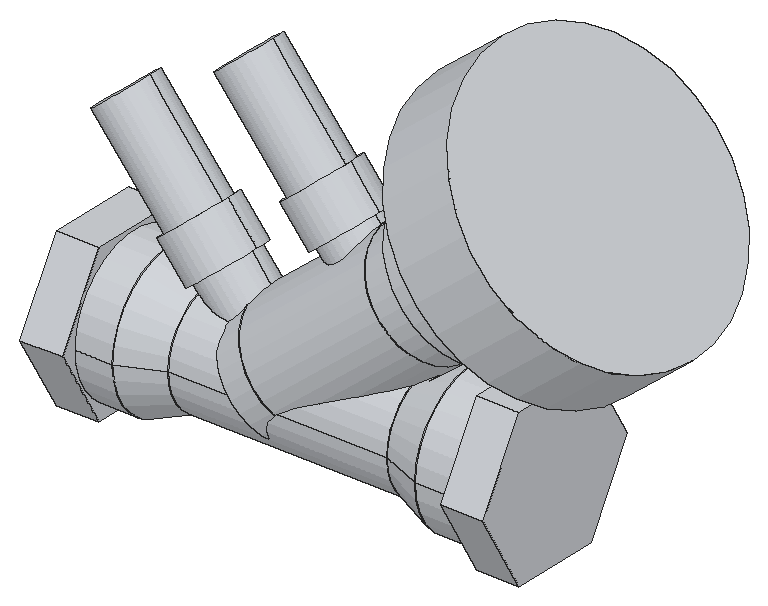
Revit family "D9505-DN25-RFA_2018", category Pipe Accessories, Revit 2018
Family settings
  Round Connector Dimension = Use Diameter
  Part Type = Valve - Breaks Into
  Work Plane-Based = No
  Always vertical = Yes
  Cut with Voids When Loaded = No
  Shared = No
Parameters (values of type "D9505 DN25")
  magiProductId = "a5bafb2d780d49b5957b650150642c"
  magiProductFamilyId = "283409d322044e8dba8a30d68fed8b"
  magiPartTypeId = 304
  isMeasuringValve [instance] = no
  ang2D [instance] = 0.00°
  W2D = 10 mm
  VersionID = "2.0/2017.10.31.1/VIR_9505_001"
  Use Minimum Symbol Size [instance] = yes
  URL = "http://www.hydronic.cz"
  Type Comments = "závitový; PN25 (-10~+100°C) nebo PN20 (-10~+130°C)"
  RN2 = 18.15 mm
  RN = 21.45 mm
  R7 = 9 mm
  R6 = 7.5 mm
  R5 = 20 mm
  R4 = 15.125 mm
  R3 = 15.125 mm
  R2 = 17.875 mm
  R1 = 13.75 mm
  QmdConnectorList = "301;D;302;D"
  Productdata [instance] = ""
  NUT1 = no
  Manufacturer = "Hydronic Systems Prague s.r.o."
  MC Product Code = "9505 025 (DN25; PN25 kvs6,4)"
  MC Piping Given Pressure Drop [instance] = 0.0 Pa
  L_2 = 55 mm
  L7 = 36 mm
  L6 = 2 mm
  L4 = 14.3 mm
  L3 = 10 mm
  L2__ve = -L2  # -9 mm
  L2D_Min = 3048 mm
  L2D = 77 mm
  L2 = 9 mm
  L1__ve = -L1  # -10 mm
  L1 = 10 mm
  HWR = 35 mm
  H8 = 27 mm
  H7 = 10.8 mm
  H6 = 22.125 mm
  H5 = 17.125 mm
  H4 = 20 mm
  H3 = 12.304 mm
  H2 = 39 mm
  H1 = 7 mm
  Description = "Ruční vyvažovací ventil závitový; bronzový; DN25; kvs6,4"
  D = 25 mm
  CenSd_RN_6 = RN * cos(30.00°)  # 18.576 mm
  CenSd_RN2_6 = RN2 * cos(30.00°)  # 15.718 mm
  CAT0 = yes
Types (7, lengths in mm): name | magiProductId | RN2 | RN | R4 | R3 | R2 | R1 | MC Product Code | L_2 | L4 | L2__ve | L2 | L1__ve | L1 | H8 | H7 | H6 | H5 | H3 | H2 | H1 | Description | D | CenSd_RN_6 | CenSd_RN2_6
  D9505 DN10 | "f06221e9bc9341508f66871c80ccb9" | 13.2 | 15.6 | 11 | 11 | 13 | 10 | "9505 010 (DN10; PN25 kvs0,97)" | 38.5 | 10.01 | -8 | 8 | -7 | 7 | 27.3 | 10.92 | 18 | 13 | 13.859 | 42 | 4 | "Ruční vyvažovací ventil závitový; bronzový; DN10; kvs0,97" | 10 | 13.51 | 11.432
  D9505 DN15 | "7168eb0cb4024df38c6d32127ca87d" | 14.85 | 17.55 | 12.375 | 12.375 | 14.625 | 11.25 | "9505 015 (DN15; PN25 kvs2,67)" | 45 | 11.7 | -8 | 8 | -8 | 8 | 27 | 10.8 | 19.375 | 14.375 | 12.304 | 41 | 5 | "Ruční vyvažovací ventil závitový; bronzový; DN15; kvs2,67" | 15 | 15.199 | 12.86
  D9505 DN20 | "82f2a7b1fa884f8cafe37fee21fa09" | 16.5 | 19.5 | 13.75 | 13.75 | 16.25 | 12.5 | "9505 020 (DN20; PN25 kvs4,1)" | 51 | 13.26 | -8 | 8 | -9 | 9 | 27 | 10.8 | 20.75 | 15.75 | 12.304 | 40 | 6 | "Ruční vyvažovací ventil závitový; bronzový; DN20; kvs4,1" | 20 | 16.887 | 14.289
  D9505 DN25 | "a5bafb2d780d49b5957b650150642c" | 18.15 | 21.45 | 15.125 | 15.125 | 17.875 | 13.75 | "9505 025 (DN25; PN25 kvs6,4)" | 55 | 14.3 | -9 | 9 | -10 | 10 | 27 | 10.8 | 22.125 | 17.125 | 12.304 | 39 | 7 | "Ruční vyvažovací ventil závitový; bronzový; DN25; kvs6,4" | 25 | 18.576 | 15.718
  D9505 DN32 | "a42dead6f7694bcf97a0a9ce0e311e" | 20.46 | 24.18 | 17 | 17.05 | 20.15 | 15.5 | "9505 032 (DN32; PN25 kvs12,0)" | 60.5 | 15.73 | -9.5 | 9.5 | -11.4 | 11.4 | 34.8 | 13.92 | 24.05 | 19.05 | 52.753 | 38 | 8 | "Ruční vyvažovací ventil závitový; bronzový; DN32; kvs12,0" | 32 | 20.94 | 17.719
  D9505 DN40 | "7d52969a8dcd46c581304e64bff261" | 23.1 | 27.3 | 17 | 19.25 | 22.75 | 17.5 | "9505 040 (DN40; PN25 kvs19,5)" | 71 | 18.46 | -10 | 10 | -13 | 13 | 34.8 | 13.92 | 26.25 | 21.25 | 52.753 | 36 | 10 | "Ruční vyvažovací ventil závitový; bronzový; DN40; kvs19,5" | 40 | 23.642 | 20.005
  D9505 DN50 | "2fc06cc644084f6992b3d357430981" | 26.4 | 31.2 | 17 | 22 | 26 | 20 | "9505 050 (DN50; PN25 kvs29,8)" | 80.5 | 20.93 | -11 | 11 | -15 | 15 | 34.8 | 13.92 | 29 | 24 | 52.753 | 34 | 12 | "Ruční vyvažovací ventil závitový; bronzový; DN50; kvs29,8" | 50 | 27.02 | 22.863
Reference planes
  plane 1 "Center (Front/Back)": y = 0
  plane 2 "XYPLANE": z = 0
  plane 3 "Center (Left/Right)": x = 0
  plane 4 "312": through (-486.738, 0, 579.033) normal (0.766, 0, 0.6428)
  plane 5 "176": through (-602.493, 0, -460.699) normal (-0.6428, 0, 0.766)
  plane 6 "173": through (-598.765, 0, -465.142) normal (-0.6428, 0, 0.766)
  plane 7 "163": x = -14.3
  plane 8 "158": x = 26
  plane 9 "157": x = 36
  plane 10 "154": x = -26
  plane 11 "83": through (-605.707, 0, -456.869) normal (-0.6428, 0, 0.766)
  plane 12 "76": through (-464.523, 0, 597.674) normal (0.766, 0, 0.6428)
  plane 13 "73": through (-595.551, 0, -468.972) normal (-0.6428, 0, 0.766)
  plane 14 "70": through (-584.543, 0, -482.091) normal (-0.6428, 0, 0.766)
  plane 15 "69": y = 0
  plane 16 "68": through (-490.569, 0, 575.819) normal (0.766, 0, 0.6428)
  plane 17 "60": through (-432.117, 0, 624.866) normal (0.766, 0, 0.6428)
  plane 18 "57": through (-447.437, 0, 612.01) normal (0.766, 0, 0.6428)
  plane 19 "54": through (-456.863, 0, 604.102) normal (0.766, 0, 0.6428)
  plane 20 "32": through (-492.101, 0, 574.533) normal (0.766, 0, 0.6428)
  plane 21 "31": y = 0
  plane 22 "30": through (564.523, 0, 482.091) normal (0.6428, 0, -0.766)
  plane 23 "21": x = -36
  plane 24 "20": x = 45
  plane 25 "19": x = -45
  plane 26 "13": x = 0
  plane 27 "11": x = 55
  plane 28 "10": x = -55
  plane 29 "9": y = 0
  plane 30 "8": z = 0
  plane 31 "65XY": through (-584.543, 0, -482.091) normal (-0.6428, 0, 0.766)
  plane 32 "65XZ": y = 0
  plane 33 "65YZ": through (-492.101, 0, 574.533) normal (0.766, 0, 0.6428)
  plane 34 "27XY": through (-492.101, 0, 574.533) normal (0.766, 0, 0.6428)
  plane 35 "27XZ": y = 0
  plane 36 "27YZ": through (564.523, 0, 482.091) normal (0.6428, 0, -0.766)
Forms (mm)
  Extrusion 1, solid, visible <- "CAT0"
    sketch origin (-492.101, 0, 574.533) x (0.642788, 0, -0.766044) y (0, 1, 0)
      loop
        circle (750, 0) r 15.125
    from 0 to 7 <- "H1"
  Extrusion 2, solid
    sketch origin (-602.493, 0, -460.699) x (0.766044, 0, 0.642788) y (0, 1, 0)
      loop
        circle (786, 0) r 7.5
    from 0 to 27 <- "H8"
  Extrusion 3, solid
    sketch origin (-595.551, 0, -468.972) x (0.766044, 0, 0.642788) y (0, 1, 0)
      loop
        circle (786, 0) r 9
    from 0 to 10.8 <- "H7"
  Extrusion 4, solid
    sketch origin (-456.863, 0, 604.102) x (0.642788, 0, -0.766044) y (0, 1, 0)
      loop
        circle (750, 0) r 15.125
    from 0 to 12.304 <- "H3"
  Extrusion 5, solid, visible <- "NUT1"
    sketch origin (-456.863, 0, 604.102) x (0.642788, 0, -0.766044) y (0, 1, 0)
      loop
        line (750, 18.15) -> (734.282, 9.075) -> (734.282, -9.075) -> (750, -18.15) -> (765.718, -9.075) -> (765.718, 9.075) -> (750, 18.15)
    from 0 to 10 <- "L1"
  Blend 6, solid, visible <- "CAT0"
    base sketch origin (-26, -750, 0) x (0, 1, 0) y (0, 0, 1)
      loop
        circle (750, 0) r 13.75
    top sketch origin (-26, -750, 0) x (0, 1, 0) y (0, 0, 1)
      loop
        circle (750, 0) r 13.75
    from 0 to 52
  Blend 7, solid
    base sketch origin (36, -750, 0) x (0, 1, 0) y (0, 0, 1)
      loop
        circle (750, 0) r 17.875
    top sketch origin (36, -750, 0) x (0, 1, 0) y (0, 0, 1)
      loop
        circle (750, 0) r 13.75
    from 0 to -10
  Blend 8, solid
    base sketch origin (-36, -750, 0) x (0, 1, 0) y (0, 0, 1)
      loop
        circle (750, 0) r 17.875
    top sketch origin (-36, -750, 0) x (0, 1, 0) y (0, 0, 1)
      loop
        circle (750, 0) r 13.75
    from 0 to 10
  Extrusion 9, solid
    sketch origin (-584.543, 0, -482.091) x (0.766044, 0, 0.642788) y (0, 1, 0)
      loop
        circle (752, 0) r 7.5
    from 0 to 22.125 <- "H6"
  Extrusion 10, solid
    sketch origin (-605.707, 0, -456.869) x (0.766044, 0, 0.642788) y (0, 1, 0)
      loop
        circle (752, 0) r 7.5
    from 0 to 27 <- "H8"
  Extrusion 11, solid
    sketch origin (-584.543, 0, -482.091) x (0.766044, 0, 0.642788) y (0, 1, 0)
      loop
        circle (786, 0) r 7.5
    from 0 to 17.125 <- "H5"
  Extrusion 12, solid
    sketch origin (-598.765, 0, -465.142) x (0.766044, 0, 0.642788) y (0, 1, 0)
      loop
        circle (752, 0) r 9
    from 0 to 10.8 <- "H7"
  Extrusion 13, solid, visible <- "CAT0"
    sketch origin (-432.117, 0, 624.866) x (0.642788, 0, -0.766044) y (0, 1, 0)
      loop
        circle (750, 0) r 35
    from 0 to 20 <- "H4"
  Extrusion 14, solid
    sketch origin (-447.437, 0, 612.01) x (0.642788, 0, -0.766044) y (0, 1, 0)
      loop
        circle (750, 0) r 20
    from 0 to 20 <- "H4"
  Extrusion 15, solid
    sketch origin (-486.738, 0, 579.033) x (0.642788, 0, -0.766044) y (0, 1, 0)
      loop
        circle (750, 0) r 15.125
    from 0 to 39 <- "H2"
  Extrusion 16, solid
    sketch origin (45, -750, 0) x (0, 1, 0) y (0, 0, 1)
      loop
        circle (750, 0) r 17.875
    from 0 to -9 <- "L2__ve"
  Extrusion 17, solid
    sketch origin (-45, -750, 0) x (0, 1, 0) y (0, 0, 1)
      loop
        circle (750, 0) r 17.875
    from 0 to 9 <- "L2"
  Extrusion 18, solid
    sketch origin (55, -750, 0) x (0, 1, 0) y (0, 0, 1)
      loop
        line (728.55, 0) -> (739.275, -18.576) -> (760.725, -18.576) -> (771.45, 0) -> (760.725, 18.576) -> (739.275, 18.576) -> (728.55, 0)
    from 0 to -10 <- "L1__ve"
  Extrusion 19, solid
    sketch origin (-55, -750, 0) x (0, 1, 0) y (0, 0, 1)
      loop
        line (771.45, 0) -> (760.725, 18.576) -> (739.275, 18.576) -> (728.55, 0) -> (739.275, -18.576) -> (760.725, -18.576) -> (771.45, 0)
    from 0 to 10 <- "L1"
  Extrusion 20, solid, not visible
    sketch origin (55, -750, 0) x (0, 1, 0) y (0, 0, 1)
      loop
        circle (750, 0) r 10
    from 0 to -10
  Extrusion 21, solid, not visible
    sketch origin (-55, -750, 0) x (0, 1, 0) y (0, 0, 1)
      loop
        circle (750, 0) r 10
    from 0 to 10
Lines and regions (mm)
  reference lines, not visible
    curve 1: circle (2, 2, 0) r 1 normal (0, 0, 1)
  reference lines
    curve 2: line (25.228, 0, 29.568) -> (28.902, -3.3, 25.19)
    curve 3: line (25.228, 0, 29.568) -> (25.228, -6.6, 29.568)
    curve 4: line (25.228, 0, 29.568) -> (21.554, -3.3, 33.947)
    curve 5: line (55, 0, 0) -> (55, 3.9, -6.755)
    curve 6: line (55, 0, 0) -> (55, 7.8, 0)
    curve 7: line (55, 0, 0) -> (55, 3.9, 6.755)
    curve 8: line (-55, 0, 0) -> (-55, -3.9, -6.755)
    curve 9: line (-55, 0, 0) -> (-55, -7.8, 0)
    curve 10: line (-55, 0, 0) -> (-55, -3.9, 6.755)
Dimensions and locks
  plane 1 "Center (Front/Back)" to curve 1 = 2 mm
  "H1": plane 20 "32" to plane 4 "312"
  "H7": plane 13 "73" to plane 5 "176"
  "H6": plane 14 "70" to plane 6 "173"
  "L4": plane 26 "13" to plane 7 "163"
  "L3": plane 9 "157" to plane 8 "158"
  "L2": plane 24 "20" to plane 9 "157"
  "L3": plane 23 "21" to plane 10 "154"
  "H7": plane 6 "173" to plane 11 "83"
  "L7": plane 33 "65YZ" to plane 12 "76"
  "H5": plane 14 "70" to plane 13 "73"
  locked: plane 31 "65XY" to plane 14 "70" at 0
  locked: plane 29 "9" to plane 15 "69"
  "L6": plane 33 "65YZ" to plane 16 "68"
  "H4": plane 18 "57" to plane 17 "60"
  "H3": plane 19 "54" to plane 18 "57"
  "H2": plane 4 "312" to plane 19 "54"
  locked: plane 34 "27XY" to plane 20 "32" at 0
  locked: plane 29 "9" to plane 21 "31"
  locked: plane 36 "27YZ" to plane 22 "30"
  "L2": plane 25 "19" to plane 23 "21"
  "L1": plane 27 "11" to plane 24 "20"
  "L1": plane 28 "10" to plane 25 "19"
  locked: plane 3 "Center (Left/Right)" to plane 26 "13"
  "L_2": plane 3 "Center (Left/Right)" to plane 27 "11"
  "L_2": plane 3 "Center (Left/Right)" to plane 28 "10"
  locked: plane 1 "Center (Front/Back)" to plane 29 "9"
  locked: plane 2 "XYPLANE" to plane 30 "8"
  "CenSd_RN2_6": curve 2 to Extrusion 5 sketch curve  (x2)
  "CenSd_RN2_6": curve 3 to Extrusion 5 sketch curve  (x2)
  "CenSd_RN2_6": curve 4 to Extrusion 5 sketch curve  (x2)
  Extrusion 5 sketch curve to Extrusion 5 sketch curve = 0 mm  (x12)
  "CenSd_RN_6": curve 5 to Extrusion 18 sketch curve  (x2)
  "CenSd_RN_6": curve 6 to Extrusion 18 sketch curve  (x2)
  "CenSd_RN_6": curve 7 to Extrusion 18 sketch curve  (x2)
  Extrusion 18 sketch curve to Extrusion 18 sketch curve = 0 mm  (x12)
  "CenSd_RN_6": curve 8 to Extrusion 19 sketch curve  (x2)
  "CenSd_RN_6": curve 9 to Extrusion 19 sketch curve  (x2)
  "CenSd_RN_6": curve 10 to Extrusion 19 sketch curve  (x2)
  Extrusion 19 sketch curve to Extrusion 19 sketch curve = 0 mm  (x12)
  "R3": radius of Extrusion 1 sketch curve
  "R6": radius of Extrusion 2 sketch curve
  "R7": radius of Extrusion 3 sketch curve
  "R4": radius of Extrusion 4 sketch curve
  "R1": radius of Blend 6 sketch curve  (x2)
  "R1": radius of Blend 7 sketch curve
  "R2": radius of Blend 7 sketch curve
  "R1": radius of Blend 8 sketch curve
  "R2": radius of Blend 8 sketch curve
  "R6": radius of Extrusion 9 sketch curve
  "R6": radius of Extrusion 10 sketch curve
  "R6": radius of Extrusion 11 sketch curve
  "R7": radius of Extrusion 12 sketch curve
  "HWR": radius of Extrusion 13 sketch curve
  "R5": radius of Extrusion 14 sketch curve
  "R3": radius of Extrusion 15 sketch curve
  "R2": radius of Extrusion 16 sketch curve
  "R2": radius of Extrusion 17 sketch curve
  locked: curve 3 to curve 2 (angle 60.00°)
  locked: curve 4 to curve 3 (angle 60.00°)
  locked: curve 4 to curve 2 (angle 120.00°)
  locked: curve 6 to curve 5 (angle 60.00°)
  locked: curve 7 to curve 6 (angle 60.00°)
  locked: curve 7 to curve 5 (angle 120.00°)
  locked: curve 9 to curve 8 (angle 60.00°)
  locked: curve 10 to curve 9 (angle 60.00°)
  locked: curve 10 to curve 8 (angle 120.00°)
  aligned and locked: level to plane 2 "XYPLANE"
  aligned and locked: plane 21 "31" to Extrusion 1 sketch curve
  aligned and locked: Extrusion 1 sketch curve to plane 22 "30"
  aligned and locked: Extrusion 2 sketch curve to plane 12 "76"
  aligned and locked: plane 15 "69" to Extrusion 2 sketch curve
  aligned and locked: Extrusion 3 sketch curve to plane 12 "76"
  aligned and locked: plane 15 "69" to Extrusion 3 sketch curve
  aligned and locked: plane 21 "31" to Extrusion 4 sketch curve
  aligned and locked: Extrusion 4 sketch curve to plane 22 "30"
  aligned and locked: curve 2 to plane 22 "30"
  aligned and locked: plane 21 "31" to curve 3
  aligned and locked: Blend 6 sketch curve to plane 29 "9"  (x2)
  aligned and locked: plane 30 "8" to Blend 6 sketch curve  (x2)
  aligned and locked: plane 8 "158" to Blend 6
  aligned and locked: Blend 7 sketch curve to plane 29 "9"  (x2)
  aligned and locked: plane 30 "8" to Blend 7 sketch curve  (x2)
  aligned and locked: Blend 7 to plane 8 "158"
  aligned and locked: Blend 8 sketch curve to plane 29 "9"  (x2)
  aligned and locked: plane 30 "8" to Blend 8 sketch curve  (x2)
  aligned and locked: plane 10 "154" to Blend 8
  aligned and locked: plane 15 "69" to Extrusion 9 sketch curve
  aligned and locked: Extrusion 9 sketch curve to plane 16 "68"
  aligned and locked: plane 15 "69" to Extrusion 10 sketch curve
  aligned and locked: Extrusion 10 sketch curve to plane 16 "68"
  aligned and locked: Extrusion 11 sketch curve to plane 12 "76"
  aligned and locked: plane 15 "69" to Extrusion 11 sketch curve
  aligned and locked: plane 15 "69" to Extrusion 12 sketch curve
  aligned and locked: Extrusion 12 sketch curve to plane 16 "68"
  aligned and locked: plane 21 "31" to Extrusion 13 sketch curve
  aligned and locked: Extrusion 13 sketch curve to plane 22 "30"
  aligned and locked: plane 21 "31" to Extrusion 14 sketch curve
  aligned and locked: Extrusion 14 sketch curve to plane 22 "30"
  aligned and locked: plane 21 "31" to Extrusion 15 sketch curve
  aligned and locked: Extrusion 15 sketch curve to plane 22 "30"
  aligned and locked: Extrusion 16 sketch curve to plane 29 "9"
  aligned and locked: plane 30 "8" to Extrusion 16 sketch curve
  aligned and locked: Extrusion 17 sketch curve to plane 29 "9"
  aligned and locked: plane 30 "8" to Extrusion 17 sketch curve
  aligned and locked: curve 7 to plane 29 "9"
  aligned and locked: plane 30 "8" to curve 7
  aligned and locked: curve 10 to plane 29 "9"
  aligned and locked: plane 30 "8" to curve 10
  aligned and locked: Extrusion 20 sketch curve to plane 29 "9"
  aligned and locked: plane 30 "8" to Extrusion 20 sketch curve
  aligned and locked: Extrusion 21 sketch curve to plane 29 "9"
  aligned and locked: plane 30 "8" to Extrusion 21 sketch curve
Automatic sketch dimensions
  plane 1 "Center (Front/Back)" to Extrusion 20 sketch curve = 10 mm
  plane 1 "Center (Front/Back)" to Extrusion 21 sketch curve = 10 mm
  plane 3 "Center (Left/Right)" to curve 1 = 2 mm
  radius of curve 1 = 1 mm
Connectors
  piping at (-55, 0, 0), diameter 25, driven by "D"
    settings: on Extrusion 21, index 1, connector inside diameter 609.6 mm, connector length 0 mm, flow factor 0, pipe flow 0.0 L/s, pressure drop 0.0 Pa, fitting loss kfactor 0, connector angle 0.00°, fixture units 0, engagement length 0 mm, angle of deflection 0.00°, flow configuration 0, flow direction 0, fitting loss method 0, system type 29, joint type 0, gender type 0, connector reference index 2, connector utility 0, adjustable connector no, is connector primary yes, connector description ""
  piping at (55, 0, 0), diameter 25, driven by "D"
    settings: on Extrusion 20, index 2, connector inside diameter 609.6 mm, connector length 0 mm, flow factor 0, pipe flow 0.0 L/s, pressure drop 0.0 Pa, fitting loss kfactor 0, connector angle 0.00°, fixture units 0, engagement length 0 mm, angle of deflection 0.00°, flow configuration 0, flow direction 0, fitting loss method 0, system type 29, joint type 0, gender type 0, connector reference index 1, connector utility 0, adjustable connector no, is connector primary no, connector description ""
